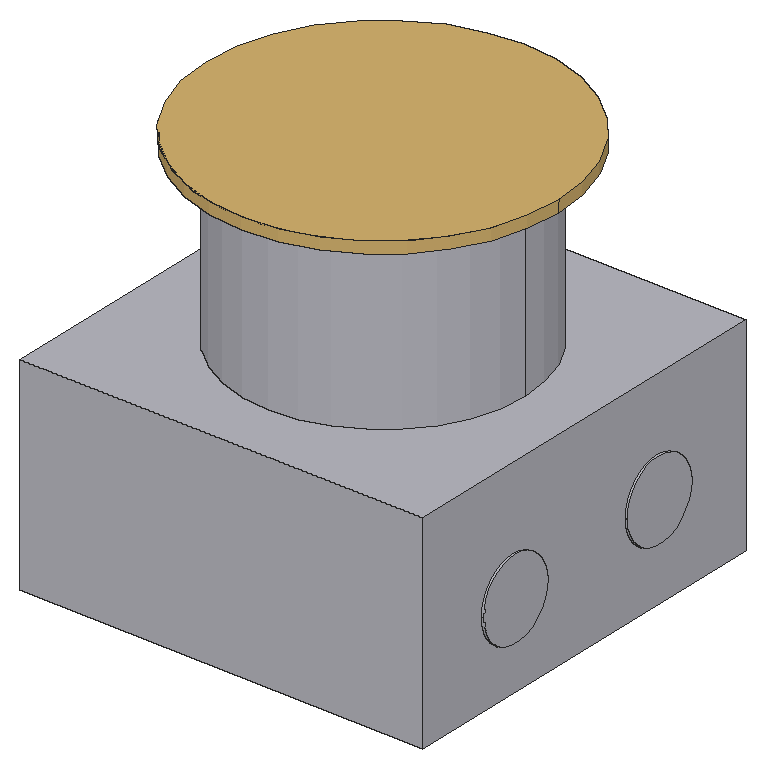
Revit family "Electrical_Equipment-Floor_Box-Hubbell_Wiring-CFBS1R4SFB", category Electrical Fixtures, host Face, Revit 2012
Parameters (values of type "CFBS1R4SFB")
  URL = "http://www.hubbell-wiring.com"
  Product Page URL = "http://www.hubbell-wiring.com/press/catalog/O.pdf"
  Product Material = Metal-Hubbell-Steel
  Product Documentation Link = "http://www.hubbell-wiring.com/press/catalog/O.pdf"
  Model = "CFBS1R4SFB"
  Manufacturer Phone = "475-882-4800"  # constant formula
  Manufacturer = "Hubbell Wiring Device"  # constant formula
  Description = "Steel Metal Concrete Recessed Floor box,  4in. Round Cover"  # constant formula
  Default Elevation = 48.000"
  Conduit Connector_4 Description = "0.75in. 1in. or 1.25in. Power Conduit Connector 2"  # constant formula
  Conduit Connector_3 Description = "0.75in. 1in. or 1.25in. Power Conduit Connector 1"  # constant formula
  Conduit Connector_2 Description = "0.75in. 1in or 1.25in. Data Conduit Connector 2"  # constant formula
  Conduit Connector_1 Description = "0.75in. 1in. or 1.25in. Data Conduit Connector 1"  # constant formula
  Conduit Connector 2 Radius = 0.625"
  Conduit Connector 1 Radius = 0.625"
  Box Cover [instance] = Cover : CFBS1R4BRS
  Assembly Code = "D5020115"
Types (3): name | Product Material | Model | Box Cover
  (no name) | Metal-Hubbell-Steel | "CFBS1R4SFB" | Cover : CFBS1R4BRS
  CFBS1R4SFB | Metal-Hubbell-Steel | "CFBS1R4SFB" | Cover : CFBS1R4BRS
  CFBS1R4SFBCR | Metal-Hubbell-Green Finish | "CFBS1R4SFBCR" | Cover : CFBS1R4NKL
Reference planes (in)
  plane 1 "Center (Front/Back)": y = 0
  plane 2: z = 0
  plane 3 "Center (Left/Right)": x = 0
  plane 4: x = -3.16
  plane 5: x = 3.16
  plane 6: y = -3.16
  plane 7: y = 3.16
  plane 8: z = -6
  plane 9: z = -2.76
  plane 10: x = -2.24
  plane 11: x = 2.24
  plane 12: y = -1.41
  plane 13: y = 1.41
  plane 14: z = -4.5
  plane 15: x = 3.21
  plane 16: x = -3.21
  plane 17: z = -4.65
Forms (in)
  Extrusion 1, solid, material "Metal-Hubbell-Steel" <- "Product Material"
    sketch origin (0, 0, 0) x (1, 0, 0) y (0, 1, 0)
      loop
        line (-3.16, 3.16) -> (-3.16, -3.16) -> (3.16, -3.16) -> (3.16, 3.16) -> (-3.16, 3.16)
    from -6 to -2.76
  Extrusion 2, solid, material "Metal-Hubbell-Steel" <- "Product Material"
    sketch origin (0, 0, 0) x (1, 0, 0) y (0, 1, 0)
      loop
        circle (0, 0) r 2.24
      loop
        circle (0, 0) r 2
    from -2.76 to 0
  Extrusion 3, solid, material "Metal-Hubbell-Steel" <- "Product Material", detail levels medium+fine
    sketch origin (0, 0, 0) x (0, 1, 0) y (0, 0, 1)
      loop
        circle (-1.41, -4.65) r 0.625
      loop
        circle (1.41, -4.5) r 0.625
    from 3.16 to 3.21
  Extrusion 4, solid, material "Metal-Hubbell-Steel" <- "Product Material", detail levels medium+fine
    sketch origin (0, 0, 0) x (0, 1, 0) y (0, 0, -1)
      loop
        circle (-1.41, 4.65) r 0.625
      loop
        circle (1.41, 4.5) r 0.625
    from 3.16 to 3.21
Lines and regions (in)
  symbolic lines
    curve 1: line (-3.16, 3.16, 0) -> (3.16, 3.16, 0)
    curve 2: line (-3.16, -3.16, 0) -> (-3.16, 3.16, 0)
    curve 3: line (3.16, -3.16, 0) -> (-3.16, -3.16, 0)
    curve 4: line (3.16, 3.16, 0) -> (3.16, -3.16, 0)
    curve 5: circle (0, 0, 0) r 1.99 normal (0, 0, 1)
    curve 6: circle (0, 0, 0) r 2.75 normal (0, 0, 1)
Dimensions and locks (in)
  equal spacing: plane 4, plane 3 "Center (Left/Right)", plane 5, locked at 3.16 each
  equal spacing: plane 6, plane 1 "Center (Front/Back)", plane 7, locked at 3.16 each
  locked: plane 9 to plane 8 at 3.24
  equal spacing: plane 11, plane 3 "Center (Left/Right)", plane 10, locked at 2.24 each
  locked: plane 11 to plane 10 at 4.48
  locked: plane 3 "Center (Left/Right)" to Extrusion 1 at 3.16
  plane 13 to plane 1 "Center (Front/Back)" = 1.410"
  equal spacing: plane 13, plane 1 "Center (Front/Back)", plane 12
  locked: plane 5 to plane 15 at 0.05
  locked: plane 4 to plane 16 at 0.05
  locked: plane 2 to plane 8 at 6
  locked: plane 17 to plane 8 at 1.35
  locked: plane 14 to plane 8 at 1.5
  "Conduit Connector 2 Radius": radius of Extrusion 4 sketch curve
  "Conduit Connector 1 Radius": radius of Extrusion 4 sketch curve
  "Conduit Connector 1 Radius": radius of Extrusion 3 sketch curve
  "Conduit Connector 2 Radius": radius of Extrusion 3 sketch curve
  aligned and locked: plane 2 to host face
  aligned and locked: level to host face
  aligned and locked: plane 7 to Extrusion 1 sketch curve
  aligned and locked: plane 4 to Extrusion 1 sketch curve
  aligned and locked: plane 6 to Extrusion 1 sketch curve
  aligned and locked: plane 5 to Extrusion 1 sketch curve
  aligned and locked: Extrusion 1 to plane 8
  aligned and locked: plane 9 to Extrusion 1
  aligned and locked: plane 3 "Center (Left/Right)" to Extrusion 2 sketch curve  (x2)
  aligned and locked: plane 1 "Center (Front/Back)" to Extrusion 2 sketch curve  (x2)
  aligned and locked: Extrusion 2 to plane 9
  aligned and locked: level to Extrusion 2
  aligned and locked: plane 13 to Extrusion 3 sketch curve
  aligned and locked: plane 14 to Extrusion 3 sketch curve
  aligned and locked: plane 12 to Extrusion 3 sketch curve
  aligned and locked: plane 5 to Extrusion 3
  aligned and locked: Extrusion 3 to plane 15
  aligned and locked: Extrusion 4 to plane 16
  aligned and locked: plane 4 to Extrusion 4
  aligned and locked: plane 3 "Center (Left/Right)" to nested 1
  aligned and locked: plane 1 "Center (Front/Back)" to nested 1
  aligned and locked: plane 17 to Extrusion 4 sketch curve
  aligned and locked: plane 12 to Extrusion 4 sketch curve
  aligned and locked: plane 14 to Extrusion 4 sketch curve
  aligned and locked: plane 13 to Extrusion 4 sketch curve
  aligned and locked: plane 17 to Extrusion 3 sketch curve
  aligned and locked: plane 6 to curve 3
  aligned and locked: plane 4 to curve 2
  aligned and locked: plane 5 to curve 4
  aligned and locked: plane 7 to curve 1
Automatic sketch dimensions
  host sketch curve to host sketch curve = 96.000"  (x2)
  curve 5 to curve 6 = 0.000"  (x2)
  plane 1 "Center (Front/Back)" to curve 5 = 0.000"
  curve 5 to plane 3 "Center (Left/Right)" = 0.000"
  radius of Extrusion 2 sketch curve = 2.240"
  radius of Extrusion 2 sketch curve = 2.000"
  radius of curve 5 = 1.990"
  radius of curve 6 = 2.750"
Nested families (in)
  nested 1: "Cover" at (0, 0, 0), type <- "Box Cover", type "CFBS1R4BRS"
Connectors (in)
  cabletrayconduit at (-3.21, 1.41, -4.5), driven by "Conduit Connector_1 Description", driven by "Conduit Connector 1 Radius"
    settings: on Extrusion 4, index 1, connector width 12.000", connector height 12.000", connector radius 0.625", connector angle 0.00°, system type 32, placement type 0, profile type 0, connector reference index -1, is primary connector yes, connector utility param no, connector description "0.75in. 1in. or 1.25in. Data Conduit Connector 1"
  cabletrayconduit at (3.21, 1.41, -4.5), driven by "Conduit Connector_2 Description", driven by "Conduit Connector 1 Radius"
    settings: on Extrusion 3, index 2, connector width 12.000", connector height 12.000", connector radius 0.625", connector angle 0.00°, system type 32, placement type 0, profile type 0, connector reference index -1, is primary connector no, connector utility param no, connector description "0.75in. 1in or 1.25in. Data Conduit Connector 2"
  cabletrayconduit at (-3.21, -1.41, -4.65), driven by "Conduit Connector_3 Description", driven by "Conduit Connector 2 Radius"
    settings: on Extrusion 4, index 3, connector width 12.000", connector height 12.000", connector radius 0.625", connector angle 0.00°, system type 32, placement type 0, profile type 0, connector reference index -1, is primary connector no, connector utility param no, connector description "0.75in. 1in. or 1.25in. Power Conduit Connector 1"
  cabletrayconduit at (3.21, -1.41, -4.65), driven by "Conduit Connector_4 Description", driven by "Conduit Connector 2 Radius"
    settings: on Extrusion 3, index 4, connector width 12.000", connector height 12.000", connector radius 0.625", connector angle 0.00°, system type 32, placement type 0, profile type 0, connector reference index -1, is primary connector no, connector utility param no, connector description "0.75in. 1in. or 1.25in. Power Conduit Connector 2"
Definition of nested family "Cover"
  Parameters (values of type "CFBS1R4NKL")
    Temporary cover = yes
    Product Material = Metal-Hubbell-Nickel
    Cover = yes
    Default Elevation = 48.000"
  Types (7): name | Product Material | Cover
    CFBS1R4BASE | Metal-Hubbell-Galvanized Steel | no
    CFBS1R4ALU | Metal-Hubbell-Aluminum | yes
    CFBS1R4BLK | Metal-Hubbell-Black | yes
    CFBS1R4BRS | Metal-Hubbell-Brass | yes
    CFBS1R4BRZ | Metal-Hubbell-Bronze | yes
    CFBS1R4NKL | Metal-Hubbell-Nickel | yes
    CFBS1R4GRY | Metal-Hubbell-Gray | yes
  Reference planes (in)
    plane 1 "Center (Front/Back)": y = 0
    plane 2: z = 0
    plane 3 "Center (Left/Right)": x = 0
    plane 4: z = -5.65
    plane 5: z = -4.33
    plane 6: y = 1.572
    plane 7: y = -1.572
    plane 8: y = 0.798
    plane 9: y = -0.798
    plane 10: y = 1.452
    plane 11: y = -1.452
    plane 12: y = 1
    plane 13: y = -1
    plane 14: z = -5.56
    plane 15: z = -4.99
    plane 16: x = -2.765
    plane 17: x = 2.765
    plane 18: z = 0.18
    plane 19: x = -1.99
    plane 20: x = 1.99
  Forms (in)
    Extrusion 1, solid
      sketch origin (0, 0, 0) x (1, 0, 0) y (0, 1, 0)
        loop
          line (-48, 48) -> (-48, -48) -> (48, -48) -> (48, 48) -> (-48, 48)
      from 0 to -2
    Extrusion 2, solid, material "Metal-Hubbell-Nickel" <- "Product Material", visible <- "Temporary cover"
      sketch origin (0, 0, 0) x (1, 0, 0) y (0, 1, 0)
        loop
          circle (0, 0) r 2.765
      from 0 to 0.18
  Lines and regions (in)
    model lines, style "Cover", visible <- "Cover", detail levels medium+fine
      curve 1: line (-0.72244, 1.85423, 0.18) -> (-0.72244, 1.54641, 0.18)
      curve 2: line (-0.53026, 1.35423, 0.18) -> (0, 1.35423, 0.18)
      curve 3: arc (-0.72244, 1.54641, 0.18) -> (-0.66615, 1.41052, 0.18) -> (-0.53026, 1.35423, 0.18) r 0.19218
      curve 4: line (0.72244, 1.85423, 0.18) -> (0.72244, 1.54641, 0.18)
      curve 5: line (0.53026, 1.35423, 0.18) -> (0, 1.35423, 0.18)
      curve 6: arc (0.72244, 1.54641, 0.18) -> (0.66615, 1.41052, 0.18) -> (0.53026, 1.35423, 0.18) r 0.19218
      curve 7: line (-0.3144, -1.96501, 0.18) -> (-0.3144, -1.452, 0.18)
      curve 8: line (-0.3144, -1.452, 0.18) -> (0, -1.452, 0.18)
      curve 9: line (-0.3144, -1.572, 0.18) -> (0, -1.572, 0.18)
      curve 10: line (0.3144, -1.96501, 0.18) -> (0.3144, -1.452, 0.18)
      curve 11: line (0.3144, -1.452, 0.18) -> (0, -1.452, 0.18)
      curve 12: line (0.3144, -1.572, 0.18) -> (0, -1.572, 0.18)
      curve 13: line (0, -1, 0.18) -> (-0.5, -1, 0.18)
      curve 14: line (-0.5, -1, 0.18) -> (-0.5, -0.8814, 0.18)
      curve 15: line (-0.5, -0.8814, 0.18) -> (0, -0.8814, 0.18)
      curve 16: line (-0.5, -0.8814, 0.18) -> (-0.5, -0.798, 0.18)
      curve 17: line (-0.5, -0.798, 0.18) -> (-0.8873, -0.65704, 0.18)
      curve 18: line (-0.8873, -0.65704, 0.18) -> (-0.8873, 0.798, 0.18)
      curve 19: line (-0.8873, 0.798, 0.18) -> (-0.5, 0.798, 0.18)
      curve 20: line (-0.5, 0.798, 0.18) -> (-0.5, 1, 0.18)
      curve 21: line (-0.5, 1, 0.18) -> (0, 1, 0.18)
      curve 22: line (-0.5, 0.798, 0.18) -> (-0.5, 0.298, 0.18)
      curve 23: line (-0.5, 0.298, 0.18) -> (-0.65672, -0.13257, 0.18)
      curve 24: line (-0.5073, -0.453, 0.18) -> (-0.41471, -0.4867, 0.18)
      curve 25: line (-0.41471, -0.4867, 0.18) -> (0, -0.4867, 0.18)
      curve 26: line (-0.67176, -0.22242, 0.18) -> (-0.8873, -0.22242, 0.18)
      curve 27: line (-0.8873, 0.19787, 0.18) -> (-0.5, 0.298, 0.18)
      curve 28: line (-0.5, 0.548, 0.18) -> (-0.8873, 0.798, 0.18)
      curve 29: line (0, 0, 0.18) -> (-0.38538, 0, 0.18)
      curve 30: line (-0.38538, -0.16189, 0.18) -> (0, -0.16189, 0.18)
      curve 31: line (-0.38538, 0, 0.18) -> (-0.38538, -0.16189, 0.18)
      curve 32: line (0, -1, 0.18) -> (0.5, -1, 0.18)
      curve 33: line (0.5, -1, 0.18) -> (0.5, -0.8814, 0.18)
      curve 34: line (0.5, -0.8814, 0.18) -> (0, -0.8814, 0.18)
      curve 35: line (0.5, -0.8814, 0.18) -> (0.5, -0.798, 0.18)
      curve 36: line (0.5, -0.798, 0.18) -> (0.8873, -0.65704, 0.18)
      curve 37: line (0.8873, -0.65704, 0.18) -> (0.8873, 0.798, 0.18)
      curve 38: line (0.8873, 0.798, 0.18) -> (0.5, 0.798, 0.18)
      curve 39: line (0.5, 0.798, 0.18) -> (0.5, 1, 0.18)
      curve 40: line (0.5, 1, 0.18) -> (0, 1, 0.18)
      curve 41: line (0.5, 0.798, 0.18) -> (0.5, 0.298, 0.18)
      curve 42: line (0.67176, -0.22242, 0.18) -> (0.8873, -0.22242, 0.18)
      curve 43: line (0.8873, 0.19787, 0.18) -> (0.5, 0.298, 0.18)
      curve 44: line (0.5, 0.548, 0.18) -> (0.8873, 0.798, 0.18)
      curve 45: line (0, 0, 0.18) -> (0.38538, 0, 0.18)
      curve 46: line (0.38538, -0.16189, 0.18) -> (0, -0.16189, 0.18)
      curve 47: line (0.38538, 0, 0.18) -> (0.38538, -0.16189, 0.18)
      curve 48: arc (-0.5073, -0.453, 0.18) -> (-0.64837, -0.32373, 0.18) -> (-0.65672, -0.13257, 0.18) r 0.25
      curve 49: line (0.5, 0.298, 0.18) -> (0.65672, -0.13257, 0.18)
      curve 50: line (0.5073, -0.453, 0.18) -> (0.41471, -0.4867, 0.18)
      curve 51: arc (0.5073, -0.453, 0.18) -> (0.64837, -0.32373, 0.18) -> (0.65672, -0.13257, 0.18) r 0.25
      curve 52: line (0.41471, -0.4867, 0.18) -> (0, -0.4867, 0.18)
      curve 53: circle (-1.04834, 1.452, 0.18) r 0.16104 normal (0, 0, 1)
      curve 54: line (-1.04834, 1.61304, 0.18) -> (-1.04834, 1.29096, 0.18)
      curve 55: line (-1.20939, 1.452, 0.18) -> (-0.8873, 1.452, 0.18)
      curve 56: circle (0.94438, -1.452, 0.18) r 0.16104 normal (0, 0, 1)
      curve 57: line (0.94438, -1.29096, 0.18) -> (0.94438, -1.61304, 0.18)
      curve 58: line (0.78334, -1.452, 0.18) -> (1.10543, -1.452, 0.18)
      curve 59: line (0, -1.572, 0.18) -> (0, -1.99, 0.18)
      curve 60: arc (1.99, 0, 0.18) -> (0, 1.99, 0.18) -> (-1.99, 0, 0.18) r 1.99
      curve 61: arc (-1.99, 0, 0.18) -> (0, -1.99, 0.18) -> (1.99, 0, 0.18) r 1.99
  Dimensions and locks (in)
    locked: level to plane 4 at 5.65
    locked: level to plane 5 at 4.33
    plane 1 "Center (Front/Back)" to plane 10 = 1.452"
    plane 1 "Center (Front/Back)" to plane 12 = 1.000"
    locked: plane 14 to plane 4 at 0.09
    equal spacing: plane 5, plane 15, plane 4
    plane 16 to plane 17 = 5.530"
    locked: plane 18 to level at 0.18
    equal spacing: plane 19, plane 3 "Center (Left/Right)", plane 20
    aligned and locked: plane 2 to Extrusion 1
    aligned and locked: level to Extrusion 1
    aligned and locked: plane 18 to Extrusion 2
    aligned and locked: Extrusion 2 to level
  Automatic sketch dimensions
    Extrusion 1 sketch curve to Extrusion 1 sketch curve = 96.000"  (x2)
    plane 1 "Center (Front/Back)" to Extrusion 2 sketch curve = 0.000"
    Extrusion 2 sketch curve to plane 3 "Center (Left/Right)" = 0.000"
    plane 11 to curve 58 = 0.000"
    plane 11 to curve 56 = 0.000"
    curve 39 to plane 8 = 0.000"
    plane 9 to curve 35 = 0.000"
    plane 1 "Center (Front/Back)" to curve 45 = 0.000"
    curve 25 to plane 3 "Center (Left/Right)" = 0.000"
    curve 13 to plane 3 "Center (Left/Right)" = 0.000"
    curve 15 to plane 3 "Center (Left/Right)" = 0.000"
    curve 46 to plane 3 "Center (Left/Right)" = 0.000"
    curve 21 to plane 3 "Center (Left/Right)" = 0.000"
    curve 29 to plane 3 "Center (Left/Right)" = 0.000"
    curve 59 to plane 3 "Center (Left/Right)" = 0.000"
    curve 2 to plane 3 "Center (Left/Right)" = 0.000"
    curve 8 to plane 3 "Center (Left/Right)" = 0.000"
    plane 11 to curve 8 = 0.000"
    plane 7 to curve 9 = 0.000"
    plane 9 to curve 16 = 0.000"
    curve 14 to plane 13 = 0.000"
    curve 22 to plane 8 = 0.000"
    plane 12 to curve 21 = 0.000"
    curve 55 to plane 10 = 0.000"
    curve 53 to plane 10 = 0.000"
    plane 1 "Center (Front/Back)" to curve 47 = 0.16189"
    curve 52 to curve 46 = 0.02933"
    curve 51 to curve 46 = 0.03641"
    curve 49 to curve 45 = 0.11462"
    curve 34 to curve 50 = 0.08529"
    curve 50 to curve 50 = 0.09258"
    curve 5 to plane 10 = 0.09777"
    curve 5 to curve 39 = 0.03026"
    curve 6 to plane 6 = 0.02559"
    plane 1 "Center (Front/Back)" to curve 49 = 0.13257"
    curve 42 to curve 51 = 0.01504"
    curve 58 to curve 10 = 0.46894"
    curve 43 to plane 1 "Center (Front/Back)" = 0.19787"
    curve 42 to curve 42 = 0.21554"
    curve 36 to plane 9 = 0.14096"
    plane 7 to curve 57 = 0.04104"
    curve 57 to curve 56 = 0.000"
    curve 11 to curve 8 = 0.3144"
    curve 30 to curve 30 = 0.38538"
    curve 30 to curve 24 = 0.02933"
    curve 30 to curve 48 = 0.03641"
    curve 25 to curve 16 = 0.08529"
    curve 29 to curve 27 = 0.11462"
    curve 25 to curve 24 = 0.09258"
    curve 3 to plane 6 = 0.02559"
    plane 1 "Center (Front/Back)" to curve 23 = 0.13257"
    curve 48 to curve 26 = 0.01504"
    curve 26 to curve 26 = 0.21554"
    curve 1 to curve 55 = 0.16486"
    curve 27 to plane 1 "Center (Front/Back)" = 0.19787"
    curve 17 to plane 9 = 0.14096"
    plane 6 to curve 54 = 0.04104"
    curve 53 to curve 54 = 0.000"
    plane 6 to curve 1 = 0.28223"
    plane 6 to curve 4 = 0.28223"
    curve 44 to plane 8 = 0.250"
    curve 19 to curve 28 = 0.250"
    curve 44 to curve 43 = 0.250"
    curve 28 to curve 23 = 0.250"
    curve 46 to curve 51 = 0.05619"
    curve 30 to curve 48 = 0.05619"
    curve 51 to curve 42 = 0.08985"
    plane 1 "Center (Front/Back)" to curve 26 = 0.22242"
    curve 24 to curve 24 = 0.0337"
    plane 9 to curve 16 = 0.0834"
    curve 10 to curve 59 = 0.02499"
    plane 1 "Center (Front/Back)" to curve 60 = 0.000"
    curve 61 to plane 20 = 0.000"
    curve 61 to plane 3 "Center (Left/Right)" = 0.000"
    radius of Extrusion 2 sketch curve = 2.765"
